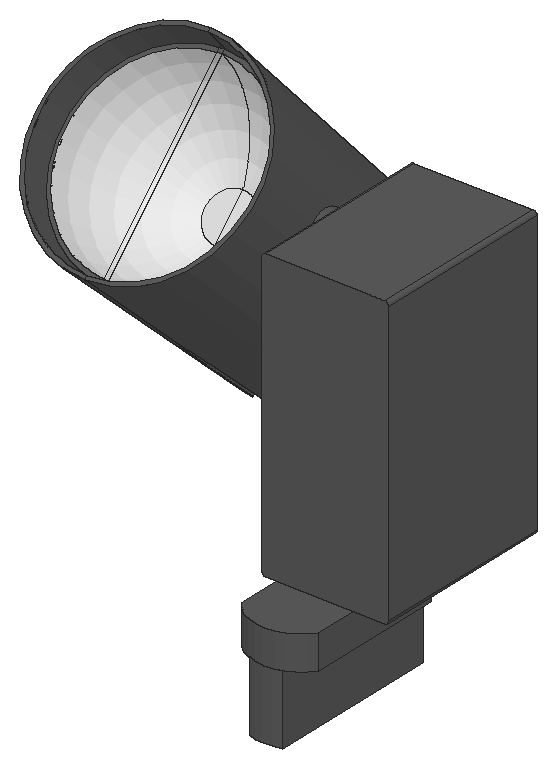
Revit family "0004900 Feilo Sylvania Lighting Fixture START TRACK SPOT S 24W 4K RA90 WB BLACK", category Lighting Fixtures, host Face, Revit 2017 (continued)
Definition of nested family "Start Track Spot Head"
  Types (96, lengths in mm): name | Wattage | built-in parameter 1150134 | Photometric Web File | Model | built-in parameter 1150105 | Lumens | built-in parameter 1150107 | built-in parameter 1150106 | HeadThickness_FEILO | HeadRibOffset_FEILO | HeadRibDepth_FEILO | HeadRibCutWidth_FEILO | HeadRibCutOffset_FEILO | HeadReflectorRadius_FEILO | HeadReflectorOffset_FEILO | HeadLEDRadius_FEILO | HeadHeight_FEILO | HeadDiffusorOffset_FEILO | HeadDiaOut_FEILO | HeadDiaIn_FEILO | HeadAxisFromTop_FEILO | Emit from Circle Diameter | built-in parameter 1150104 | Description | Apparent Load
    0004812 START TRACK SPOT S 14W 3K RA80 MB WHITE | 14 W | (empty or 0) | "0004812.ies" | "START TRACK SPOT S 14W 3K RA80 MB WHITE" | 120.32 (stored number, unit not read) | 1512 lm | 3000 (stored number, unit not read) | 1.2032 (stored number, unit not read) | 1.5 | 4.179 | 55.714 | 7.167 | 50.87 | 50.588 | 55.714 | 9.556 | 117 | 9.435 | 86 | 77.477 | 69.354 | 77.477 | 10.034 (stored number, unit not read) | "Integrated LED spotlight, Textured White - RAL9016, compact and minimalist design, ideal for retail applications, die-cast aluminium body, passive cooling heatsink. Beam angle: 36°, color temperature: 3000K , total system power: 14W, total fixture output: 1508 lm, LOR: 100%, colour rendering: Ra: 80 typical, LED Chromaticity: 3 step MacAdam ellipse, lifetime: >50000 hours at L70B50, energy class: A++, A+, A, IR/UV free light source without heat radiation, operating voltage: 220-240V / 50-60Hz, drive current: 350mA, electronic driver, non-dimmable, power factor: 0.92, electrical protection: Class II, Global Track 3 Phase adapter suitable for Global trac 3-circuit tracks, ingress protection rating: IP20, suitable for internal environment only, horizontal rotation: 355°, vertical tilt: 90°, dimensions: Ø86x140x200, weight: 0.940kg." | 14 VA
    0004811 START TRACK SPOT S 14W 3K RA80 NB WHITE | 14 W | (empty or 0) | "0004811.ies" | "START TRACK SPOT S 14W 3K RA80 NB WHITE" | 123.66 (stored number, unit not read) | 1554 lm | 3000 (stored number, unit not read) | 1.2366 (stored number, unit not read) | 1.5 | 4.179 | 55.714 | 7.167 | 50.87 | 50.588 | 55.714 | 9.556 | 117 | 9.435 | 86 | 77.477 | 69.354 | 77.477 | 10.312 (stored number, unit not read) | "Integrated LED spotlight, Textured White - RAL9016, compact and minimalist design, ideal for retail applications, die-cast aluminium body, passive cooling heatsink. Beam angle: 12°, color temperature: 3000K , total system power: 14W, total fixture output: 1551 lm, LOR: 100%, colour rendering: Ra: 80 typical, LED Chromaticity: 3 step MacAdam ellipse, lifetime: >50000 hours at L70B50, energy class: A++, A+, A, IR/UV free light source without heat radiation, operating voltage: 220-240V / 50-60Hz, drive current: 350mA, electronic driver, non-dimmable, power factor: 0.92, electrical protection: Class II, Global Track 3 Phase adapter suitable for Global trac 3-circuit tracks, ingress protection rating: IP20, suitable for internal environment only, horizontal rotation: 355°, vertical tilt: 90°, dimensions: Ø86x140x200, weight: 0.940kg." | 14 VA
  Reference planes
    plane 1 "Center (Front/Back)": y = 0
    plane 2: z = 0
    plane 3 "Center (Left/Right)": x = 0
    plane 4: x = 43
    plane 5: x = -43
    plane 6: x = -38.739
    plane 7: x = 38.739
    plane 8: z = 69.354
    plane 9: z = -47.646
    plane 10: x = -41.5
    plane 11: x = -37.239
    plane 12: z = -38.211
    plane 13: z = -35.211
    plane 14: z = 8.068
    plane 15: x = -9.556
    plane 16: x = -28.667
    plane 17: x = -19.111
    plane 18: x = -27.167
    plane 19: x = -17.611
    plane 20: x = -8.056
    plane 21: z = 13.64
    plane 22: x = -29.667
    plane 23: x = -26.167
    plane 24: x = -20.111
    plane 25: x = -16.611
    plane 26: x = -10.556
    plane 27: x = -7.056
    plane 28: x = -36.239
    plane 29: x = -40.5
    plane 30: z = 65.175
    plane 31: z = 60.997
    plane 32: z = 56.818
    plane 33: z = 18.484
    plane 34: y = -43
    plane 35: y = 43
    plane 36: y = 3.583
    plane 37: y = -3.583
    plane 38: y = -2.583
    plane 39: y = 2.583
    plane 40: y = 46
    plane 41: z = 13.5
    plane 42: z = -13.5
    plane 43: y = 39
    plane 44: x = 4.708
    plane 45: x = -2.458
    plane 46: x = -1.458
    plane 47: x = 1.458
  Forms (mm)
    Extrusion 1, solid
      sketch origin (4.2, 0, 0) x (1, 0, 0) y (0, 1, 0)
        loop
          line (-1219.2, 1219.2) -> (-1219.2, -1219.2) -> (1219.2, -1219.2) -> (1219.2, 1219.2) -> (-1219.2, 1219.2)
      from 0 to -68.017
    Revolve 2, solid, material <- "Material_1_FEILO", detail levels medium+fine
      sketch origin (0, 0, 0) x (1, 0, 0) y (0, 0, 1)
        loop
          line (-43, -47.646) -> (-41.5, -47.646) -> (-40.5, -35.211) -> (-38.739, -35.211)
          arc (-38.739, -35.211) -> (-30.16, -9.517) -> (-9.556, 8.068) r 50.588
          line (-9.556, 8.068) -> (0, 8.068) -> (0, 13.64) -> (-16.611, 13.64) -> (-17.611, 60.997) -> (-19.111, 60.997) -> (-20.111, 13.64) -> (-36.239, 13.64) -> (-37.239, 69.354) -> (-38.739, 69.354) -> (-43, -47.646)
        axis (0, 69.354) -> (0, -47.646)
      angle from 360 to 0
    Extrusion 3, void
      sketch origin (0, 0, 0) x (0, 1, 0) y (0, 0, 1)
        loop
          line (-3.583, 69.354) -> (-2.583, 18.484) -> (1.932, 18.484) -> (2.932, 69.354) -> (-3.583, 69.354)
      from 43 to -43
    Revolve 4, solid, material <- "Material_2_FEILO", detail levels medium+fine
      sketch origin (0, 0, 0) x (1, 0, 0) y (0, 0, 1)
        loop
          line (-41.5, -38.211) -> (0, -38.211) -> (0, -35.211) -> (-41.5, -35.211) -> (-41.5, -38.211)
        axis (0, -35.211) -> (0, -38.211)
      angle from 360 to 0
    Revolve 5, solid, material <- "Material_1_FEILO"
      sketch origin (0, 0, 0) x (0, 1, 0) y (0, 0, 1)
        loop
          line (46, 0) -> (39, 0) -> (39, -13.5) -> (46, -13.5) -> (46, 0)
        axis (39, 0) -> (46, 0)
      angle from 360 to 0
    Revolve 6, solid, material <- "Material_1_FEILO", detail levels medium+fine
      sketch origin (0, 0, 0) x (1, 0, 0) y (0, 0, 1)
        loop
          line (-29.667, 13.64) -> (-26.167, 13.64) -> (-27.167, 65.175) -> (-28.667, 65.175) -> (-29.667, 13.64)
        loop
          line (-10.556, 13.64) -> (-7.056, 13.64) -> (-7.833, 56.818) -> (-9.778, 56.818) -> (-10.556, 13.64)
        axis (0, 65.175) -> (0, 13.64)
      angle from 360 to 0
    Extrusion 7, void
      sketch origin (0, 0, 0) x (1, 0, 0) y (0, 0, 1)
        loop
          line (4.708, 69.354) -> (-2.458, 69.354) -> (-1.458, 13.64) -> (1.458, 13.64) -> (4.708, 69.354)
      from -43 to 43
    Revolve 8, solid, material <- "Material_1_FEILO", detail levels coarse
      sketch origin (0, 0, 0) x (1, 0, 0) y (0, 0, 1)
        loop
          line (0, 69.354) -> (-38.739, 69.354) -> (-43, -47.646) -> (-41.5, -47.646) -> (-40.731, -38.211) -> (0, -38.211) -> (0, 69.354)
        axis (0, 69.354) -> (0, -47.646)
      angle from 360 to 0
  Cuts and joins
    Extrusion 3 cuts Revolve 2
    Extrusion 7 cuts Revolve 6
  Dimensions and locks
    equal spacing: plane 7, plane 3 "Center (Left/Right)", plane 6
    equal spacing: plane 4, plane 3 "Center (Left/Right)", plane 5
    "HeadDiaOut_FEILO": plane 4 to plane 5
    "HeadDiaIn_FEILO": plane 7 to plane 6
    "HeadHeight_FEILO": plane 8 to plane 9
    "HeadThickness_FEILO": plane 10 to plane 5
    "HeadThickness_FEILO": plane 11 to plane 6
    "HeadDiffusorOffset_FEILO": plane 12 to plane 9
    "HeadDiffusorThickness_FEILO": plane 13 to plane 12
    "HeadReflectorOffset_FEILO": plane 14 to plane 9
    "HeadLEDRadius_FEILO": plane 3 "Center (Left/Right)" to plane 15
    "HeadLEDRadius_FEILO": plane 15 to plane 17
    "HeadLEDRadius_FEILO": plane 17 to plane 16
    "HeadThickness_FEILO": plane 18 to plane 16
    "HeadThickness_FEILO": plane 19 to plane 17
    "HeadThickness_FEILO": plane 20 to plane 15
    "HeadRibDepth_FEILO": plane 8 to plane 21
    "HeadDraft_FEILO": plane 16 to plane 22
    "HeadDraft_FEILO": plane 23 to plane 18
    "HeadDraft_FEILO": plane 17 to plane 24
    "HeadDraft_FEILO": plane 25 to plane 19
    "HeadDraft_FEILO": plane 15 to plane 26
    "HeadDraft_FEILO": plane 27 to plane 20
    "HeadDraft_FEILO": plane 29 to plane 10
    "HeadDraft_FEILO": plane 28 to plane 11
    "HeadRibOffset_FEILO": plane 8 to plane 30
    "HeadRibOffset_FEILO": plane 30 to plane 31
    "HeadRibOffset_FEILO": plane 31 to plane 32
    "HeadAxisFromTop_FEILO": plane 8 to plane 2
    "HeadRibCutOffset_FEILO": plane 8 to plane 33
    equal spacing: plane 34, plane 1 "Center (Front/Back)", plane 35
    "HeadDiaOut_FEILO": plane 34 to plane 35
    equal spacing: plane 38, plane 1 "Center (Front/Back)", plane 39
    equal spacing: plane 37, plane 1 "Center (Front/Back)", plane 36
    "HeadRibCutWidth_FEILO": plane 37 to plane 36
    "HeadDraft_FEILO": plane 37 to plane 38
    locked: plane 35 to plane 40 at 3
    equal spacing: plane 41, plane 2, plane 42
    locked: plane 42 to plane 41 at 27
    locked: plane 43 to plane 35 at 4
    equal spacing: plane 45, imposter light, plane 44
    "HeadDraft_FEILO": plane 46 to plane 45
    "HeadRibCutWidth_FEILO": plane 44 to plane 45
    equal spacing: plane 47, plane 3 "Center (Left/Right)", plane 46
    "HeadReflectorRadius_FEILO": radius of Revolve 2 sketch curve
    aligned and locked: plane 2 to Extrusion 1
    aligned and locked: level to Extrusion 1
    aligned and locked: Revolve 2 sketch curve to plane 3 "Center (Left/Right)"  (x2)
    aligned and locked: plane 9 to Revolve 2 sketch curve  (x2)
    aligned and locked: plane 5 to Revolve 2 sketch curve
    aligned and locked: plane 10 to Revolve 2 sketch curve
    aligned and locked: plane 14 to Revolve 2 sketch curve
    aligned and locked: plane 8 to Revolve 2 sketch curve
    aligned and locked: Revolve 2 sketch curve to plane 13
    aligned and locked: plane 12 to Revolve 4 sketch curve
    aligned and locked: plane 3 "Center (Left/Right)" to Revolve 4 sketch curve
    aligned and locked: Revolve 4 sketch curve to plane 10
    aligned and locked: Revolve 4 sketch curve to plane 3 "Center (Left/Right)"
    aligned and locked: plane 12 to imposter light
    aligned and locked: imposter light to plane 1 "Center (Front/Back)"
    aligned and locked: Revolve 5 sketch curve to plane 2
    aligned and locked: plane 43 to Revolve 5 sketch curve
    aligned and locked: plane 42 to Revolve 5 sketch curve
    aligned and locked: Revolve 6 sketch curve to plane 3 "Center (Left/Right)"
    aligned and locked: plane 22 to Revolve 6 sketch curve
    aligned and locked: plane 30 to Revolve 6 sketch curve
    aligned and locked: plane 23 to Revolve 6 sketch curve
    aligned and locked: Revolve 6 sketch curve to plane 21  (x2)
    aligned and locked: plane 21 to Revolve 6 sketch curve
    aligned and locked: plane 17 to Revolve 2 sketch curve
    aligned and locked: plane 19 to Revolve 2 sketch curve
    aligned and locked: plane 31 to Revolve 2 sketch curve
    aligned and locked: plane 21 to Revolve 2 sketch curve
    aligned and locked: Extrusion 3 to plane 8
    aligned and locked: plane 33 to Extrusion 3
    aligned and locked: plane 8 to Extrusion 3 sketch curve
    aligned and locked: Extrusion 3 sketch curve to plane 33
    aligned and locked: Extrusion 3 to plane 5
    aligned and locked: plane 4 to Extrusion 3
    aligned and locked: plane 32 to Revolve 6 sketch curve
    aligned and locked: plane 44 to Extrusion 7 sketch curve
    aligned and locked: Extrusion 7 sketch curve to plane 8
    aligned and locked: plane 46 to Extrusion 7 sketch curve
    aligned and locked: plane 21 to Extrusion 7 sketch curve
    aligned and locked: plane 34 to Extrusion 7
    aligned and locked: Extrusion 7 to plane 35
    aligned and locked: Revolve 4 sketch curve to plane 13
    aligned and locked: Revolve 5 sketch curve to plane 40
    aligned and locked: Revolve 8 sketch curve to plane 3 "Center (Left/Right)"
    aligned and locked: Revolve 8 sketch curve to cut or joined group of Revolve 2, Extrusion 3  (x3)
    aligned and locked: plane 5 to Revolve 8 sketch curve
    aligned and locked: plane 3 "Center (Left/Right)" to Revolve 8 sketch curve
    aligned and locked: plane 12 to Revolve 8 sketch curve
  Automatic sketch dimensions
    Extrusion 1 sketch curve to Extrusion 1 sketch curve = 2438.4 mm  (x2)
    Extrusion 3 sketch curve to plane 37 = 0 mm
    Extrusion 3 sketch curve to plane 38 = 0 mm
    plane 39 to Extrusion 3 sketch curve = 0.651 mm
    Extrusion 3 sketch curve to plane 39 = 0.349 mm
    Revolve 6 sketch curve to plane 16 = 0 mm
    Revolve 6 sketch curve to plane 18 = 0 mm
    Revolve 6 sketch curve to plane 26 = 0 mm
    Revolve 6 sketch curve to plane 27 = 0 mm
    Revolve 6 sketch curve to plane 15 = 0.222 mm
    plane 9 to Revolve 6 sketch curve = 559.103 mm
    Revolve 6 sketch curve to plane 8 = 2535.555 mm
    plane 20 to Revolve 6 sketch curve = 0.222 mm
    Revolve 2 sketch curve to plane 29 = 0 mm
    Revolve 2 sketch curve to plane 6 = 0 mm  (x2)
    Revolve 2 sketch curve to plane 11 = 0 mm
    Revolve 2 sketch curve to plane 21 = 0 mm
    Revolve 2 sketch curve to plane 28 = 0 mm
    Revolve 2 sketch curve to plane 24 = 0 mm
    Revolve 2 sketch curve to plane 25 = 0 mm
    Revolve 2 sketch curve to plane 15 = 0 mm
    Revolve 2 sketch curve to Revolve 2 sketch curve = 557.155 mm
    Revolve 2 sketch curve to plane 8 = 2535.558 mm
    Extrusion 7 sketch curve to plane 45 = 0 mm
    Extrusion 7 sketch curve to plane 47 = 0 mm
    plane 9 to Revolve 4 sketch curve = 559.103 mm
    Revolve 4 sketch curve to plane 8 = 2535.555 mm
    Revolve 5 sketch curve to level = 0 mm
    plane 34 to Revolve 5 sketch curve = 1968.092 mm
    Revolve 5 sketch curve to plane 40 = 1405.763 mm
    Revolve 8 sketch curve to plane 6 = 0 mm
    Revolve 8 sketch curve to plane 29 = 0.231 mm
    plane 9 to Revolve 8 sketch curve = 559.103 mm
    Revolve 8 sketch curve to Revolve 8 sketch curve = 2535.555 mm
Definition of nested family "Start Track Spot Box"
  Parameters (values of type "Type Large White")
    URL = "http://www.feilosylvania.com"
    Type Image = (empty or 0)
    Type Comments = "n/a"
    Small_FEILO = no
    Material_3_FEILO = none
    Model = ""
    Manufacturer = "Feilo Sylvania"
    Keynote = ""
    Material_2_FEILO = none
    Description = ""
    Default Elevation = 1219.2 mm
    Cost = 0
    Material_1_FEILO = none
    BoxWidth_FEILO = 49 mm
    BoxStartAngle_FEILO [instance] = 0.00°
    BoxRadius_FEILO = 1.5 mm
    BoxHeight_FEILO = if(Small_FEILO, 112 mm, 136 mm)  # 136 mm
    BoxEndAngle_FEILO [instance] = BoxStartAngle_FEILO - 180.00°  # -180.00°
    BoxDepth_FEILO = if(Small_FEILO, 71.5 mm, 79 mm)  # 79 mm
    BoxAxisVerticalOffset_FEILO = 16 mm
    BoxAxisOffset_FEILO = BoxHeight_FEILO / 6.8  # 20 mm
    Assembly Code = ""
    Material_4_FEILO = none
  Types (4, lengths in mm): name | Small_FEILO | BoxHeight_FEILO | BoxDepth_FEILO | BoxAxisOffset_FEILO
    Type Large White | no | 136 | 79 | 20
    Type Small White | yes | 112 | 71.5 | 16.471
    Type Small Black | yes | 112 | 71.5 | 16.471
    Type Large Black | no | 136 | 79 | 20
  Reference planes
    plane 1 "Center (Front/Back)": y = 0
    plane 2: z = 0
    plane 3 "Center (Left/Right)": x = 0
    plane 4: x = 24.5
    plane 5: x = -24.5
    plane 6: y = 68
    plane 7: y = -68
    plane 8: z = 39.5
    plane 9: z = -39.5
    plane 10: y = -48
    plane 11: x = 30.5
    plane 12: x = 8.5
    plane 13: x = 21.5
    plane 14: y = 70
    plane 15: y = 72
    plane 16: x = 19.5
  Forms (mm)
    Extrusion 1, solid
      sketch origin (4.2, 0, 0) x (1, 0, 0) y (0, 1, 0)
        loop
          line (-1219.2, 1219.2) -> (-1219.2, -1219.2) -> (1219.2, -1219.2) -> (1219.2, 1219.2) -> (-1219.2, 1219.2)
      from 0 to -68.017
    Extrusion 2, solid, material <- "Material_1_FEILO"
      sketch origin (0, 0, 0) x (1, 0, 0) y (0, 1, 0)
        loop
          arc (-23, 68) -> (-24.061, 67.561) -> (-24.5, 66.5) r 1.5
          line (-24.5, 66.5) -> (-24.5, -66.5)
          arc (-24.5, -66.5) -> (-24.061, -67.561) -> (-23, -68) r 1.5
          line (-23, -68) -> (23, -68)
          arc (23, -68) -> (24.061, -67.561) -> (24.5, -66.5) r 1.5
          line (24.5, -66.5) -> (24.5, 66.5)
          arc (24.5, 66.5) -> (24.061, 67.561) -> (23, 68) r 1.5
          line (23, 68) -> (-23, 68)
      from -39.5 to 39.5
    Revolve 3, solid, not visible
      sketch origin (0, 0, 0) x (1, 0, 0) y (0, 1, 0)
        loop
          line (30.5, -48) -> (24.5, -48) -> (24.5, -68) -> (30.5, -68) -> (30.5, -48)
        axis (30.5, -48) -> (24.5, -48)
      angle from 0 <- "BoxStartAngle_FEILO" to -180 <- "BoxEndAngle_FEILO"
    Revolve 4, solid, material <- "Material_2_FEILO"
      sketch origin (0, 0, 0) x (1, 0, 0) y (0, 1, 0)
        loop
          line (8.5, 68) -> (19.5, 68) -> (19.5, 70) -> (21.5, 70) -> (21.5, 72) -> (8.5, 72) -> (8.5, 68)
        axis (8.5, 72) -> (8.5, 68)
      angle from 360 to 0
  Dimensions and locks
    equal spacing: plane 5, plane 3 "Center (Left/Right)", plane 4
    "BoxWidth_FEILO": plane 5 to plane 4
    equal spacing: plane 7, plane 1 "Center (Front/Back)", plane 6
    "BoxHeight_FEILO": plane 7 to plane 6
    equal spacing: plane 8, plane 2, plane 9
    "BoxDepth_FEILO": plane 8 to plane 9
    "BoxAxisOffset_FEILO": plane 7 to plane 10
    locked: plane 4 to plane 11 at 6
    "BoxAxisVerticalOffset_FEILO": plane 12 to plane 4
    locked: plane 12 to plane 13 at 13
    plane 6 to plane 14 to plane 15 = 2 mm locked, 2 mm locked
    locked: plane 12 to plane 16 at 11
    "BoxRadius_FEILO": radius of Extrusion 2 sketch curve  (x4)
    aligned and locked: plane 2 to Extrusion 1
    aligned and locked: level to Extrusion 1
    aligned and locked: plane 6 to Extrusion 2 sketch curve
    aligned and locked: plane 5 to Extrusion 2 sketch curve
    aligned and locked: Extrusion 2 sketch curve to plane 7
    aligned and locked: Extrusion 2 sketch curve to plane 4
    aligned and locked: Extrusion 2 to plane 8
    aligned and locked: plane 9 to Extrusion 2
    aligned and locked: Revolve 3 sketch curve to plane 10  (x2)
    aligned and locked: plane 11 to Revolve 3 sketch curve
    aligned and locked: Revolve 3 sketch curve to plane 4
    aligned and locked: plane 7 to Revolve 3 sketch curve
    aligned and locked: Revolve 4 sketch curve to plane 12
    aligned and locked: plane 6 to Revolve 4 sketch curve
    aligned and locked: plane 12 to Revolve 4 sketch curve
    aligned and locked: plane 15 to Revolve 4 sketch curve
    aligned and locked: Revolve 4 sketch curve to plane 13
    aligned and locked: Revolve 4 sketch curve to plane 14
    aligned and locked: Revolve 4 sketch curve to plane 16
    aligned and locked: Revolve 4 sketch curve to plane 6
  Automatic sketch dimensions
    Extrusion 1 sketch curve to Extrusion 1 sketch curve = 2438.4 mm  (x2)
    Revolve 3 sketch curve to plane 5 = 1499.5 mm
    plane 11 to Revolve 3 sketch curve = 1493.5 mm
    plane 15 to Revolve 4 sketch curve = 0 mm
    plane 7 to Revolve 4 sketch curve = 1456 mm
    Revolve 4 sketch curve to plane 15 = 1452 mm
